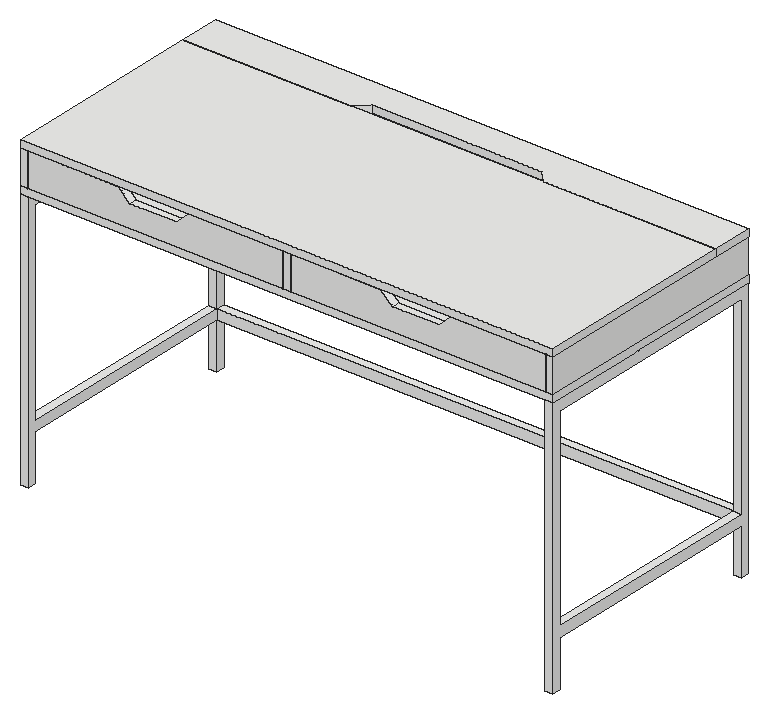
Revit family "ALEX", category Furniture, Revit 2019
Family settings
  OmniClass Number = 23.40.20.00
  OmniClass Title = General Furniture and Specialties
  Work Plane-Based = No
  Always vertical = Yes
  Cut with Voids When Loaded = No
  Shared = No
  Room Calculation Point = No
Parameters
  www.revitwatch.com = ""
  W = 100 mm
  Length = 1310 mm
  LMDP = 18 mm
  L2 = 58 mm
  L1 = 20 mm
  Height = 760 mm
  HL = 115 mm
  H2 = (H1 - LMDP * 2) / 3  # 28 mm
  H1 = 120 mm
  H = 25 mm
  Depth = 600 mm
Reference planes
  plane 1 "Center (Front/Back)": y = 0
  plane 2: z = 0
  plane 3 "Center (Left/Right)": x = 0
  plane 4: x = -655
  plane 5: x = 655
  plane 6: y = -300
  plane 7: y = 300
  plane 8: z = 760
  plane 9: z = 640
  plane 10: z = 658
  plane 11: z = 742
  plane 12: z = 615
  plane 13: z = 140
  plane 14: z = 115
  plane 15: x = -637
  plane 16: x = 637
  plane 17: x = -9
  plane 18: x = 9
  plane 19: y = 200
  plane 20: y = 282
  plane 21: y = -282
  plane 22: x = -327.5
  plane 23: x = -269.5
  plane 24: x = -385.5
  plane 25: z = 714
  plane 26: x = -413.5
  plane 27: x = -241.5
  plane 28: z = 714
  plane 29: x = 318.5
  plane 30: x = 260.5
  plane 31: x = 376.5
  plane 32: x = 404.5
  plane 33: x = 232.5
  plane 34: x = 204.5
  plane 35: x = -213.5
  plane 36: y = 182
Forms (mm)
  Sweep 1, solid, material "White Paint"
    path origin (0, 0, 0) x (1, 0, 0) y (0, 0, 1)
      loop
        line (-655, 640) -> (-655, 0)
    profile origin (-655, 0, 320) x (0, -1, 0) y (1, 0, 0)
      loop
        line (300, 0) -> (300, 20) -> (280, 20) -> (280, 0) -> (300, 0)
  Sweep 2, solid, material "White Paint"
    path origin (0, 0, 0) x (1, 0, 0) y (0, 0, 1)
      loop
        line (655, 640) -> (655, 0)
    profile origin (655, 0, 320) x (0, -1, 0) y (1, 0, 0)
      loop
        line (280, -20) -> (300, -20) -> (300, 0) -> (280, 0) -> (280, -20)
  Sweep 3, solid, material "White Paint"
    path origin (0, 0, 0) x (0, 1, 0) y (0, 0, 1)
      loop
        line (300, 0) -> (300, 640)
    profile origin (0, 300, 320) x (0, -1, 0) y (1, 0, 0)
      loop
        line (0, 635) -> (20, 635) -> (20, 655) -> (0, 655) -> (0, 635)
  Sweep 4, solid, material "White Paint"
    path origin (0, 0, 0) x (0, 1, 0) y (0, 0, 1)
      loop
        line (300, 640) -> (300, 0)
    profile origin (0, 300, 320) x (1, 0, 0) y (0, 1, 0)
      loop
        line (-655, 0) -> (-655, -20) -> (-635, -20) -> (-635, 0) -> (-655, 0)
  Sweep 5, solid, material "White Paint"
    path origin (0, 0, 0) x (1, 0, 0) y (0, 1, 0)
      loop
        line (-655, 300) -> (-655, -300)
    profile origin (-655, 0, 0) x (1, 0, 0) y (0, 0, 1)
      loop
        line (0, 140) -> (0, 115) -> (20, 115) -> (20, 140) -> (0, 140)
  Sweep 6, solid, material "White Paint"
    path origin (0, 0, 0) x (1, 0, 0) y (0, 1, 0)
      loop
        line (655, 300) -> (655, -300)
    profile origin (655, 0, 0) x (1, 0, 0) y (0, 0, 1)
      loop
        line (-20, 140) -> (-20, 115) -> (0, 115) -> (0, 140) -> (-20, 140)
  Sweep 7, solid, material "White Paint"
    path origin (0, 0, 0) x (1, 0, 0) y (0, 1, 0)
      loop
        line (-655, 300) -> (655, 300)
    profile origin (0, 300, 0) x (0, 1, 0) y (0, 0, 1)
      loop
        line (-20, 115) -> (0, 115) -> (0, 140) -> (-20, 140) -> (-20, 115)
  Sweep 8, solid, material "White Paint"
    path origin (0, 0, 0) x (1, 0, 0) y (0, 1, 0)
      loop
        line (-655, 300) -> (655, 300)
    profile origin (0, 300, 0) x (0, 1, 0) y (0, 0, 1)
      loop
        line (-20, 640) -> (-20, 615) -> (0, 615) -> (0, 640) -> (-20, 640)
  Sweep 9, solid, material "White Paint"
    path origin (0, 0, 0) x (1, 0, 0) y (0, 1, 0)
      loop
        line (-655, 300) -> (-655, -300)
    profile origin (-655, 0, 0) x (1, 0, 0) y (0, 0, 1)
      loop
        line (0, 640) -> (0, 615) -> (20, 615) -> (20, 640) -> (0, 640)
  Sweep 10, solid, material "White Paint"
    path origin (0, 0, 0) x (1, 0, 0) y (0, 1, 0)
      loop
        line (655, 300) -> (655, -300)
    profile origin (655, 0, 0) x (1, 0, 0) y (0, 0, 1)
      loop
        line (-20, 640) -> (-20, 615) -> (0, 615) -> (0, 640) -> (-20, 640)
  Sweep 11, solid, material "White Paint"
    path origin (0, 0, 0) x (1, 0, 0) y (0, 0, 1)
      loop
        line (0, 658) -> (0, 640)
    profile origin (0, 0, 649) x (0, -1, 0) y (1, 0, 0)
      loop
        line (-300, -655) -> (300, -655) -> (300, 655) -> (-300, 655) -> (-300, -655)
  Sweep 12, solid, material "White Paint"
    path origin (0, 0, 0) x (1, 0, 0) y (0, 1, 0)
      loop
        line (-655, 300) -> (-655, -300)
    profile origin (-655, 0, 0) x (1, 0, 0) y (0, 0, 1)
      loop
        line (0, 742) -> (0, 658) -> (18, 658) -> (18, 742) -> (0, 742)
  Sweep 13, solid, material "White Paint"
    path origin (0, 0, 0) x (1, 0, 0) y (0, 1, 0)
      loop
        line (655, 300) -> (655, -300)
    profile origin (655, 0, 0) x (1, 0, 0) y (0, 0, 1)
      loop
        line (-18, 742) -> (-18, 658) -> (0, 658) -> (0, 742) -> (-18, 742)
  Sweep 14, solid, material "White Paint"
    path origin (0, 0, 0) x (1, 0, 0) y (0, 0, 1)
      loop
        line (0, 760) -> (0, 742)
    profile origin (0, 0, 751) x (0, -1, 0) y (1, 0, 0)
      loop
        line (-200, -655) -> (300, -655) -> (300, 655) -> (-200, 655) -> (-200, -655)
  Sweep 15, solid, material "White Paint"
    path origin (0, 0, 0) x (1, 0, 0) y (0, 1, 0)
      loop
        line (0, 182) -> (0, -300)
    profile origin (0, -59, 0) x (1, 0, 0) y (0, 0, 1)
      loop
        line (-9, 742) -> (-9, 658) -> (9, 658) -> (9, 742) -> (-9, 742)
  Sweep 16, solid, material "White Paint"
    path origin (0, 0, 0) x (1, 0, 0) y (0, 1, 0)
      loop
        line (655, 300) -> (655, 282)
    profile origin (655, 291, 0) x (1, 0, 0) y (0, 0, 1)
      loop
        line (-1292, 742) -> (-1292, 658) -> (-18, 658) -> (-18, 742) -> (-1292, 742)
  Sweep 17, solid, material "White Paint"
    path origin (0, 0, 0) x (1, 0, 0) y (0, 0, 1)
      loop
        line (0, 760) -> (0, 742)
    profile origin (0, 0, 751) x (0, -1, 0) y (1, 0, 0)
      loop
        line (-300, -655) -> (-200, -655) -> (-200, 655) -> (-300, 655) -> (-300, -655)
  Sweep 18, solid, material "White Paint"
    path origin (0, 0, 0) x (1, 0, 0) y (0, 1, 0)
      loop
        line (0, -282) -> (0, -300)
    profile origin (0, -291, 0) x (1, 0, 0) y (0, 0, 1)
      loop
        line (-637, 742) -> (-637, 658) -> (-9, 658) -> (-9, 742) -> (-637, 742)
      loop
        line (9, 742) -> (9, 658) -> (637, 658) -> (637, 742) -> (9, 742)
  Sweep 19, void
    path in 3D
      loop
        line (-9, -282, 742) -> (-9, -300, 742)
    profile origin (-9, -291, 742) x (1, 0, 0) y (0, 0, 1)
      loop
        line (-404.5, 0) -> (-376.5, -28) -> (-260.5, -28) -> (-232.5, 0) -> (-404.5, 0)
  Sweep 20, void
    path in 3D
      loop
        line (9, -282, 742) -> (9, -300, 742)
    profile origin (9, -291, 742) x (1, 0, 0) y (0, 0, 1)
      loop
        line (223.5, 0) -> (251.5, -28) -> (367.5, -28) -> (395.5, 0) -> (223.5, 0)
  Sweep 21, void
    path in 3D
      loop
        line (-655, 200, 760) -> (-655, 200, 742)
    profile origin (-655, 200, 751) x (-1, 0, 0) y (0, -1, 0)
      loop
        line (-441.5, -28) -> (-413.5, 0) -> (-887.5, 0) -> (-859.5, -28) -> (-441.5, -28)
  Sweep 22, solid, material "White Paint"
    path origin (0, 0, 0) x (1, 0, 0) y (0, 1, 0)
      loop
        line (0, 200) -> (0, 182)
    profile origin (0, 191, 0) x (1, 0, 0) y (0, 0, 1)
      loop
        line (-637, 742) -> (-637, 658) -> (637, 658) -> (637, 742) -> (-637, 742)
Cuts and joins
  joined: Sweep 1, Sweep 2, Sweep 3, Sweep 4, Sweep 5, Sweep 6, Sweep 7, Sweep 8, Sweep 9, Sweep 10
  Sweep 19, Sweep 20, Sweep 21 cuts Sweep 14
  Sweep 19, Sweep 20 cuts Sweep 18
  Sweep 21 cuts Sweep 15
  Sweep 21 cuts Sweep 17
Lines and regions (mm)
  symbolic lines
    curve 1: line (3214.066, 0, 1496.63) -> (3214.066, 0, 1203.966)
    curve 2: line (2559.066, 0, 1175.477) -> (2559.066, 0, 1462.044)
    curve 3: line (2896.721, 0, 1323.994) -> (2896.721, 0, 1482.52)
    curve 4: line (2838.33, 0, 1311.3) -> (2838.33, 0, 1462.044)
  sketch lines
    curve 5: line (-9, -282, 742) -> (-9, -300, 742)
    curve 6: line (9, -282, 742) -> (9, -300, 742)
    curve 7: line (-655, 200, 760) -> (-655, 200, 742)
Dimensions and locks
  equal spacing: plane 6, plane 1 "Center (Front/Back)", plane 7
  equal spacing: plane 4, plane 3 "Center (Left/Right)", plane 5
  "Length": plane 4 to plane 5
  "Depth": plane 6 to plane 7
  "Height": plane 8 to level
  "LMDP": plane 8 to plane 11
  "LMDP": plane 10 to plane 9
  "LMDP": plane 16 to plane 5
  "LMDP": plane 4 to plane 15
  equal spacing: plane 17, plane 3 "Center (Left/Right)", plane 18
  "LMDP": plane 17 to plane 18
  "H1": plane 8 to plane 9
  "H": plane 9 to plane 12
  "H": plane 13 to plane 14
  "HL": plane 14 to level
  "L1": Sweep 1 sketch curve to Sweep 1 sketch curve
  "L1": Sweep 1 sketch curve to plane 6
  "L1": plane 6 to Sweep 2 sketch curve
  "L1": Sweep 2 sketch curve to plane 5
  "L1": Sweep 3 sketch curve to plane 7
  "L1": Sweep 3 sketch curve to plane 5
  "L1": plane 4 to Sweep 4 sketch curve
  "L1": Sweep 4 sketch curve to plane 7
  "L1": Sweep 5 sketch curve to plane 4
  "L1": plane 5 to Sweep 6 sketch curve
  "L1": Sweep 7 sketch curve to plane 7
  "L1": Sweep 8 sketch curve to plane 7
  "L1": Sweep 9 sketch curve to plane 4
  "L1": plane 5 to Sweep 10 sketch curve
  "W": plane 19 to plane 7
  "LMDP": plane 7 to plane 20
  "LMDP": plane 21 to plane 6
  equal spacing: plane 3 "Center (Left/Right)", plane 22, plane 4
  curve 1 to curve 2 = 655 mm
  "L2": plane 22 to plane 24
  "L2": plane 23 to plane 22
  "H2": plane 11 to plane 25
  "H2": plane 27 to plane 23
  "H2": plane 24 to plane 26
  equal spacing: plane 16, plane 29, plane 3 "Center (Left/Right)"
  "L2": plane 30 to plane 29
  "L2": plane 31 to plane 29
  "H2": plane 30 to plane 33
  "H2": plane 32 to plane 31
  "H2": plane 11 to plane 28
  "H2": plane 19 to Sweep 21 sketch curve
  "H2": plane 27 to plane 35
  "H2": plane 34 to plane 33
  "LMDP": plane 19 to plane 36
  aligned and locked: level to plane 2
  aligned and locked: Sweep 1 sketch curve to plane 4  (x2)
  aligned and locked: plane 9 to Sweep 1 sketch curve
  aligned and locked: level to Sweep 1 sketch curve
  aligned and locked: plane 6 to Sweep 1 sketch curve
  aligned and locked: level to Sweep 2 sketch curve
  aligned and locked: plane 9 to Sweep 2 sketch curve
  aligned and locked: Sweep 2 sketch curve to plane 5  (x2)
  aligned and locked: Sweep 2 sketch curve to plane 6
  aligned and locked: plane 9 to Sweep 3 sketch curve
  aligned and locked: level to Sweep 3 sketch curve
  aligned and locked: plane 7 to Sweep 3 sketch curve  (x2)
  aligned and locked: Sweep 3 sketch curve to plane 5
  aligned and locked: level to Sweep 4 sketch curve
  aligned and locked: plane 9 to Sweep 4 sketch curve
  aligned and locked: Sweep 4 sketch curve to plane 7
  aligned and locked: plane 7 to Sweep 4 sketch curve
  aligned and locked: plane 4 to Sweep 4 sketch curve
  aligned and locked: plane 6 to Sweep 5 sketch curve
  aligned and locked: plane 7 to Sweep 5 sketch curve
  aligned and locked: Sweep 5 sketch curve to plane 4
  aligned and locked: plane 4 to Sweep 5 sketch curve
  aligned and locked: Sweep 5 sketch curve to plane 13
  aligned and locked: plane 14 to Sweep 5 sketch curve
  aligned and locked: Sweep 6 sketch curve to plane 5  (x2)
  aligned and locked: plane 7 to Sweep 6 sketch curve
  aligned and locked: plane 6 to Sweep 6 sketch curve
  aligned and locked: plane 14 to Sweep 6 sketch curve
  aligned and locked: Sweep 6 sketch curve to plane 13
  aligned and locked: plane 7 to Sweep 7 sketch curve
  aligned and locked: plane 5 to Sweep 7 sketch curve
  aligned and locked: plane 4 to Sweep 7 sketch curve
  aligned and locked: Sweep 7 sketch curve to plane 7
  aligned and locked: Sweep 7 sketch curve to plane 14
  aligned and locked: plane 13 to Sweep 7 sketch curve
  aligned and locked: plane 7 to Sweep 8 sketch curve  (x2)
  aligned and locked: plane 5 to Sweep 8 sketch curve
  aligned and locked: plane 4 to Sweep 8 sketch curve
  aligned and locked: Sweep 8 sketch curve to plane 9
  aligned and locked: plane 12 to Sweep 8 sketch curve
  aligned and locked: Sweep 9 sketch curve to plane 4
  aligned and locked: plane 7 to Sweep 9 sketch curve
  aligned and locked: plane 6 to Sweep 9 sketch curve
  aligned and locked: Sweep 9 sketch curve to plane 9
  aligned and locked: plane 12 to Sweep 9 sketch curve
  aligned and locked: plane 4 to Sweep 9 sketch curve
  aligned and locked: Sweep 10 sketch curve to plane 5  (x2)
  aligned and locked: plane 7 to Sweep 10 sketch curve
  aligned and locked: plane 6 to Sweep 10 sketch curve
  aligned and locked: plane 12 to Sweep 10 sketch curve
  aligned and locked: Sweep 10 sketch curve to plane 9
  aligned and locked: Sweep 11 sketch curve to plane 3 "Center (Left/Right)"
  aligned and locked: plane 10 to Sweep 11 sketch curve
  aligned and locked: plane 9 to Sweep 11 sketch curve
  aligned and locked: plane 7 to Sweep 11 sketch curve
  aligned and locked: plane 4 to Sweep 11 sketch curve
  aligned and locked: Sweep 11 sketch curve to plane 6
  aligned and locked: Sweep 11 sketch curve to plane 5
  aligned and locked: Sweep 12 sketch curve to plane 4
  aligned and locked: plane 6 to Sweep 12 sketch curve
  aligned and locked: plane 7 to Sweep 12 sketch curve
  aligned and locked: Sweep 12 sketch curve to plane 15
  aligned and locked: plane 4 to Sweep 12 sketch curve
  aligned and locked: plane 10 to Sweep 12 sketch curve
  aligned and locked: Sweep 12 sketch curve to plane 11
  aligned and locked: Sweep 13 sketch curve to plane 5  (x2)
  aligned and locked: plane 7 to Sweep 13 sketch curve
  aligned and locked: plane 6 to Sweep 13 sketch curve
  aligned and locked: plane 10 to Sweep 13 sketch curve
  aligned and locked: Sweep 13 sketch curve to plane 11
  aligned and locked: Sweep 13 sketch curve to plane 16
  aligned and locked: plane 11 to Sweep 14 sketch curve
  aligned and locked: plane 8 to Sweep 14 sketch curve
  aligned and locked: Sweep 14 sketch curve to plane 3 "Center (Left/Right)"
  aligned and locked: Sweep 14 sketch curve to plane 6
  aligned and locked: Sweep 14 sketch curve to plane 5
  aligned and locked: plane 4 to Sweep 14 sketch curve
  aligned and locked: Sweep 14 sketch curve to plane 19
  aligned and locked: Sweep 15 sketch curve to plane 3 "Center (Left/Right)"
  aligned and locked: plane 6 to Sweep 15 sketch curve
  aligned and locked: Sweep 15 sketch curve to plane 11
  aligned and locked: plane 10 to Sweep 15 sketch curve
  aligned and locked: plane 17 to Sweep 15 sketch curve
  aligned and locked: plane 18 to Sweep 15 sketch curve
  aligned and locked: Sweep 16 sketch curve to plane 5
  aligned and locked: plane 7 to Sweep 16 sketch curve
  aligned and locked: plane 20 to Sweep 16 sketch curve
  aligned and locked: plane 10 to Sweep 16 sketch curve
  aligned and locked: Sweep 16 sketch curve to plane 11
  aligned and locked: plane 16 to Sweep 16 sketch curve
  aligned and locked: Sweep 17 sketch curve to plane 3 "Center (Left/Right)"
  aligned and locked: plane 11 to Sweep 17 sketch curve
  aligned and locked: plane 8 to Sweep 17 sketch curve
  aligned and locked: plane 19 to Sweep 17 sketch curve
  aligned and locked: plane 4 to Sweep 17 sketch curve
  aligned and locked: plane 7 to Sweep 17 sketch curve
  aligned and locked: Sweep 17 sketch curve to plane 5
  aligned and locked: Sweep 18 sketch curve to plane 3 "Center (Left/Right)"
  aligned and locked: plane 21 to Sweep 18 sketch curve
  aligned and locked: plane 6 to Sweep 18 sketch curve
  aligned and locked: plane 10 to Sweep 18 sketch curve  (x2)
  aligned and locked: Sweep 18 sketch curve to plane 11  (x2)
  aligned and locked: Sweep 18 sketch curve to plane 18
  aligned and locked: plane 16 to Sweep 18 sketch curve
  aligned and locked: Sweep 18 sketch curve to plane 17
  aligned and locked: plane 15 to Sweep 18 sketch curve
  aligned and locked: Sweep 19 sketch curve to plane 11
  aligned and locked: plane 25 to Sweep 19 sketch curve
  aligned and locked: plane 26 to Sweep 19 sketch curve
  aligned and locked: plane 27 to Sweep 19 sketch curve
  aligned and locked: plane 11 to Sweep 19 sketch curve
  aligned and locked: plane 11 to Sweep 20 sketch curve
  aligned and locked: Sweep 20 sketch curve to plane 28
  aligned and locked: plane 33 to Sweep 20 sketch curve
  aligned and locked: plane 32 to Sweep 20 sketch curve
  aligned and locked: plane 31 to Sweep 20 sketch curve
  aligned and locked: plane 30 to Sweep 20 sketch curve
  aligned and locked: plane 24 to Sweep 19 sketch curve
  aligned and locked: plane 23 to Sweep 19 sketch curve
  aligned and locked: plane 19 to Sweep 21 sketch curve
  aligned and locked: plane 35 to Sweep 21 sketch curve
  aligned and locked: plane 34 to Sweep 21 sketch curve
  aligned and locked: plane 33 to Sweep 21 sketch curve
  aligned and locked: plane 27 to Sweep 21 sketch curve
  aligned and locked: plane 36 to Sweep 15 sketch curve
  aligned and locked: plane 15 to Sweep 16 sketch curve
  aligned and locked: plane 19 to Sweep 22 sketch curve
  aligned and locked: plane 36 to Sweep 22 sketch curve
  aligned and locked: Sweep 22 sketch curve to plane 3 "Center (Left/Right)"
  aligned and locked: plane 10 to Sweep 22 sketch curve
  aligned and locked: Sweep 22 sketch curve to plane 11
  aligned and locked: plane 15 to Sweep 22 sketch curve
  aligned and locked: plane 16 to Sweep 22 sketch curve
Automatic sketch dimensions
  plane 8 to curve 2 = 415.477 mm
  plane 5 to curve 2 = 1904.066 mm
  curve 2 to curve 4 = 279.264 mm
  curve 4 to curve 3 = 58.391 mm
  plane 8 to curve 1 = 443.966 mm
  curve 2 to curve 4 = 135.824 mm
  curve 4 to curve 3 = 12.694 mm
  curve 2 to curve 2 = 286.567 mm
  curve 3 to curve 4 = 138.049 mm
  curve 4 to curve 3 = 20.477 mm
  curve 1 to curve 1 = 292.664 mm
